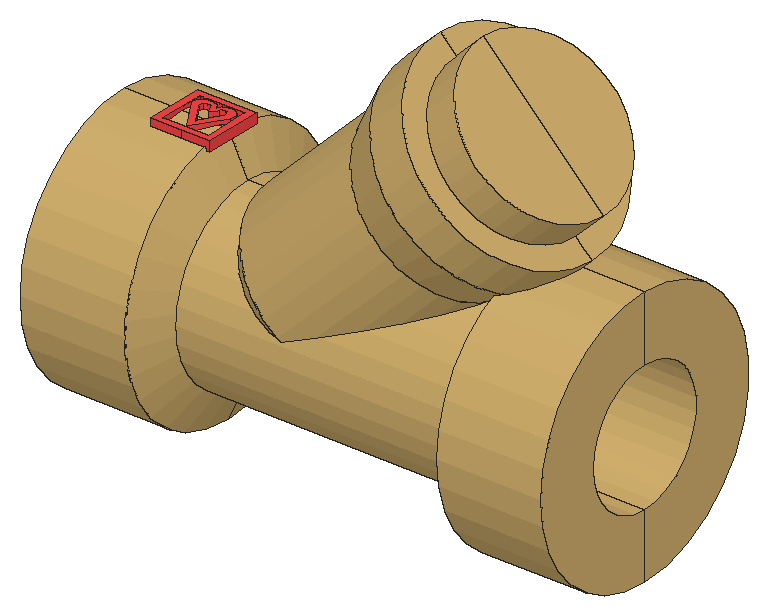
Revit family "Schmutzfänger 2662", category Rohrzubehör, Revit 2018
Family settings
  Bemaßung runder Anschluss = Durchmesser verwenden
  Teiletyp = Unterbricht
  OmniClass-Nummer = 23.65.55.14
  OmniClass-Titel = Valves for Liquid Services
  Arbeitsebenenbasiert = Nein
  Immer vertikal = Ja
  Beim Laden mit Abzugskörper schneiden = Nein
  Gemeinsam genutzt = Nein
Parameters
  min.Betriebstemperatur (Wasser) = 0.5 °C  # constant formula
  min.Betriebstemperatur = -30 °C  # constant formula
  max.Betriebstemperatur (Wasser) = 95 °C  # constant formula
  max.Betriebstemperatur = 130 °C  # constant formula
  max.Betriebsdruck = 2500000.0 Pa  # constant formula
  W01 = 45.00°  # constant formula
  URL = "www.herz-armaturen.at"
  Siebkappe = "geschmiedetes Messing gem. EN 12420, CW617N"  # constant formula
  Sieb = "Streckmetall, Rautenmasche, Edelstahl 1.4301, Maschenweite 0,5mm"  # constant formula
  SW01 [instance] = size_lookup("2662_", "SW1", 12.000 mm, Nennweite)  # 13.000 mm
  SCTWSEQ = "AW;SBT_TYP_AW=\"112\";2"
  SCTWCODE = "04;16;02"  # constant formula
  SCRNSEQ = "AWI;AWI_TYP=\"1011\";2"
  SCRNCODE = "05;15;02"  # constant formula
  S01 [instance] = R01 * 2  # 40.000 mm
  R07 [instance] = size_lookup("2662_", "R7", 13.000 mm, Nennweite)  # 16.500 mm
  R06 [instance] = size_lookup("2662_", "R6", 11.500 mm, Nennweite)  # 14.000 mm
  R05 [instance] = Nennweite / 2  # 10.000 mm
  R03 [instance] = size_lookup("2662_", "R3", 11.500 mm, Nennweite)  # 14.000 mm
  R02 [instance] = Nennweite / 2  # 10.000 mm
  R01 [instance] = (Nennweite / 2) + 10.000 mm  # 20.000 mm
  Nennweite [instance] = 20.000 mm
  Medium = "Heizungswasserqualität nach ÖNORM H 5195 oder VDI-Richtline 2035. Die Verwendung von Ethylen- oder\r\nPropylenglykol in einem Mischungsverhältnis 25 - 50% ist zulässig. Bitte beachten Sie die Hersteller- Dokumentation,\r\nwenn Glykol-Produkte für Frost- und Korrosionsschutz zum Einsatz kommen. EPDM-Dichtungen können durch\r\nMineralöle und Schmiermittel beschädigt werden und somit kann es zum Versagen der EPDM-Dichtungen führen.\r\nHERZ Kugelhähne sind nicht für den Einsatz von agressiven Medien (wie Säuren, Laugen, brennbaren und explosiven\r\nGase) geeignet, da die Dichtelemente beschädigt werden können."
  L16 [instance] = L03 / 2  # 7.750 mm
  L15 [instance] = R01 - 1.000 mm  # 19.000 mm
  L14 [instance] = L06 - L08  # 8.000 mm
  L11 [instance] = size_lookup("2662_", "L11", 4.500 mm, Nennweite)  # 6.000 mm
  L09 [instance] = size_lookup("2662_", "L9", 9.000 mm, Nennweite)  # 7.000 mm
  L08 [instance] = size_lookup("2662_", "L8", 23.500 mm, Nennweite)  # 32.000 mm
  L07 [instance] = size_lookup("2662_", "L7", 11.000 mm, Nennweite)  # 13.000 mm
  L06 [instance] = size_lookup("2662_", "L6", 36.500 mm, Nennweite) - L09  # 40.000 mm
  L03 [instance] = size_lookup("2662_", "L3", 15.000 mm, Nennweite)  # 15.500 mm
  L02 [instance] = size_lookup("2662_", "L2", 14.000 mm, Nennweite)  # 21.000 mm
  L01 [instance] = size_lookup("2662_", "L1", 17.000 mm, Nennweite)  # 16.000 mm
  L00 [instance] = size_lookup("2662_", "L", 68.000 mm, Nennweite)  # 80.000 mm
  Innengewinde = "gem. ISO 228-1"  # constant formula
  Hersteller = "Herz-Armaturen GmbH"  # constant formula
  Gehäuse (DN50) = "Messingguss gem. EN 1982; CC770S"  # constant formula
  Gehäuse (DN15-DN40) = "geschmiedetes Messing gem. EN 12420, CW617N"  # constant formula
  Dichtungen = "EPDM"  # constant formula
  Bestellnummer [instance] = size_lookup("2662_", "Artnr", 0, Nennweite)  # 1266202
  Anwendungsgebiet = "Die Schmutzfänger werden in Rohrleitungen eingebaut, um schädliche Fremdkörper von den feinst bearbeiteten\r\nVentilsitzen fernzuhalten. Anwendungsgebiete sind haustechnische Anlagen, wie z.B. Heizungs- oder\r\nKaltwasseranlagen für die Klimatisierung von Gebäuden. Aromatische Chlorkohlenwasserstoffe, welche in Erdgas,\r\nErdölen und Schmiermitteln vorkommen, zerstören die EPDM- Dichtungen."
Reference planes
  plane 1 "Mitte (Vorne/hinten)": y = 0
  plane 2: z = 0
  plane 3 "Mitte (Links/rechts)": x = 0
Forms (mm)
  Revolve 1, solid, material "Messing", detail levels fine
    sketch origin (470, 0, 0) x (1, 0, 0) y (0, 0, 1)
      loop
        line (-510, 10) -> (-494.5, 10) -> (-494.5, 0) -> (-445.5, 0) -> (-445.5, 10) -> (-430, 10) -> (-430, 20) -> (-446, 20) -> (-449, 14) -> (-491, 14) -> (-494, 20) -> (-510, 20) -> (-510, 10)
      axis (-510, 0) -> (-430, 0)
    angle from 0 to 360
  Revolve 2, solid, material "Messing", detail levels fine
    sketch origin (0.32, 0, -0.105) x (1, 0, 0) y (0, 0, 1)
      loop
        line (-13.32, 0) -> (24.157, 37.477) -> (14.964, 46.669) -> (10.722, 42.426) -> (8.247, 44.901) -> (3.297, 39.952) -> (-0.592, 32.527) -> (-17.563, 15.556) -> (-20.391, 7.071) -> (-13.32, 0)
      axis (-13.32, 0) -> (24.157, 37.477)
    angle from 0 to 360
Lines and regions (mm)
  model lines, detail levels coarse+medium
    curve 1: line (-40, 0, 20) -> (40, 0, 20)
    curve 2: line (-40, 0, -20) -> (-40, 0, 20)
    curve 3: line (40, 0, -20) -> (-40, 0, -20)
    curve 4: line (40, 0, 20) -> (40, 0, -20)
    curve 6: line (-40, 20, 0) -> (40, 20, 0)
    curve 7: line (-40, -20, 0) -> (-40, 20, 0)
    curve 8: line (40, -20, 0) -> (-40, -20, 0)
    curve 9: line (40, 20, 0) -> (40, -20, 0)
    curve 10: line (40, -20, 0) -> (-40, 20, 0)
  symbolic lines, style "PipeAccessory"
    curve 5: line (40, 0, -20) -> (-40, 0, 20)
Dimensions and locks
  "L00": Revolve 1 sketch curve to Revolve 1 sketch curve
  equal spacing: Revolve 1 sketch curve, plane 3 "Mitte (Links/rechts)", Revolve 1 sketch curve
  "R01": Revolve 1 sketch curve to Revolve 1 sketch curve  (x2)
  "R02": Revolve 1 sketch curve to Revolve 1 sketch curve  (x2)
  "L01": Revolve 1 sketch curve to Revolve 1 sketch curve  (x2)
  "L02": plane 3 "Mitte (Links/rechts)" to Revolve 1 sketch curve
  "L02": Revolve 1 sketch curve to plane 3 "Mitte (Links/rechts)"
  "R03": Revolve 1 sketch curve to Revolve 1 sketch curve
  "L03": Revolve 1 sketch curve to Revolve 1 sketch curve  (x2)
  "L11": Revolve 2 sketch curve to Revolve 2 sketch curve
  "L07": plane 3 "Mitte (Links/rechts)" to Revolve 2 sketch curve  (x2)
  "R05": Revolve 2 sketch curve to Revolve 2 sketch curve
  "L06": Revolve 2 sketch curve to Revolve 2 sketch curve
  "L08": Revolve 2 sketch curve to Revolve 2 sketch curve
  "R06": Revolve 2 sketch curve to Revolve 2 sketch curve
  "L14": Revolve 2 sketch curve to Revolve 2 sketch curve
  "L15": nested 1 to plane 2
  "L16": Revolve 1 to nested 1
  equal spacing: curve 7, plane 3 "Mitte (Links/rechts)", curve 9
  "L00": curve 7 to curve 9
  "S01": curve 6 to curve 8
  equal spacing: curve 4, plane 3 "Mitte (Links/rechts)", curve 2
  "L00": curve 4 to curve 2
  equal spacing: curve 1, plane 2, curve 3
  "S01": curve 1 to curve 3
  equal spacing: curve 8, plane 1 "Mitte (Vorne/hinten)", curve 6
  "L09": Revolve 2 sketch curve to Revolve 2 sketch curve
  "R07": Revolve 2 sketch curve to Revolve 2 sketch curve
  "SW01": Revolve 2 sketch curve to Revolve 2 sketch curve
  "W01": angle plane 2 to Revolve 2 sketch curve
  "W01": angle level to Revolve 2 sketch curve
  aligned and locked: level to plane 2
Automatic sketch dimensions
  Revolve 1 sketch curve to level = 0.000 mm  (x2)
  Revolve 1 sketch curve to Revolve 1 sketch curve = 791.990 mm
  Revolve 1 sketch curve to Revolve 1 sketch curve = 2278.983 mm
  Revolve 2 sketch curve to level = 0.105 mm
  Revolve 2 sketch curve to Revolve 2 sketch curve = 0.000 mm
Nested families
  nested 1: "Herz-Logo" at (-27.732, 0, 19), type "Herz-Logo", detail levels fine
Connectors
  piping at (-24.5, 0, 0), diameter 20, driven by "Nennweite"
    settings: on Revolve 1, index 1, connector inside diameter 609.6 mm, connector length 0.000 mm, flow factor 0, pipe flow 0.0 L/s, pressure drop 0.0 Pa, fitting loss kfactor 0, connector angle 0.00°, fixture units 0, engagement length 0.000 mm, angle of deflection 0.00°, flow configuration 0, flow direction 1, fitting loss method 0, system type 29, joint type 0, gender type 0, connector reference index -1, connector utility 0, adjustable connector no, is connector primary yes, connector description ""
  piping at (24.5, 0, 0), diameter 20, driven by "Nennweite"
    settings: on Revolve 1, index 2, connector inside diameter 609.6 mm, connector length 0.000 mm, flow factor 0, pipe flow 0.0 L/s, pressure drop 0.0 Pa, fitting loss kfactor 0, connector angle 0.00°, fixture units 0, engagement length 0.000 mm, angle of deflection 0.00°, flow configuration 0, flow direction 2, fitting loss method 0, system type 29, joint type 0, gender type 0, connector reference index -1, connector utility 0, adjustable connector no, is connector primary no, connector description ""
Definition of nested family "Herz-Logo"
  Reference planes
    plane 1 "Mitte (Vorne/hinten)": y = 0
    plane 2: z = 0
    plane 3 "Mitte (Links/rechts)": x = 0
  Forms (mm)
    Extrusion 1, solid
      sketch origin (0, 0, 0) x (1, 0, 0) y (0, 1, 0)
        loop
          line (-0.018, -4.517) -> (4.482, -4.517) -> (4.482, 4.483) -> (-4.518, 4.483) -> (-4.518, -4.517) -> (-0.018, -4.517)
        loop
          line (-0.05, -3.48) -> (3.482, -3.48) -> (3.482, 3.483) -> (-3.518, 3.483) -> (-3.518, -3.48) -> (-0.05, -3.48)
        loop
          arc (-0.018, 2.383) -> (-1.543, 3.287) -> (-3.067, 2.383) r 1.738
          arc (-3.067, 2.383) -> (-3.191, 1.899) -> (-3.067, 1.415) r 1.009
          line (-3.067, 1.415) -> (-0.018, -3.281) -> (3.032, 1.415)
          arc (3.032, 1.415) -> (3.156, 1.899) -> (3.032, 2.383) r 1.009
          arc (3.032, 2.383) -> (1.507, 3.287) -> (-0.018, 2.383) r 1.738
        loop
          arc (1.885, 1.272) -> (2.005, 1.675) -> (1.885, 2.079) r 0.74
          arc (1.885, 2.079) -> (1.265, 2.416) -> (0.644, 2.079) r 0.74
          line (0.644, 2.079) -> (-0.018, 0.97) -> (-0.679, 2.079)
          arc (-0.679, 2.079) -> (-1.3, 2.416) -> (-1.921, 2.079) r 0.74
          arc (-1.921, 2.079) -> (-2.04, 1.675) -> (-1.921, 1.272) r 0.74
          line (-1.921, 1.272) -> (-0.018, -1.658) -> (1.885, 1.272)
      from 0 to 1.5
  Dimensions and locks
    aligned and locked: level to plane 2
